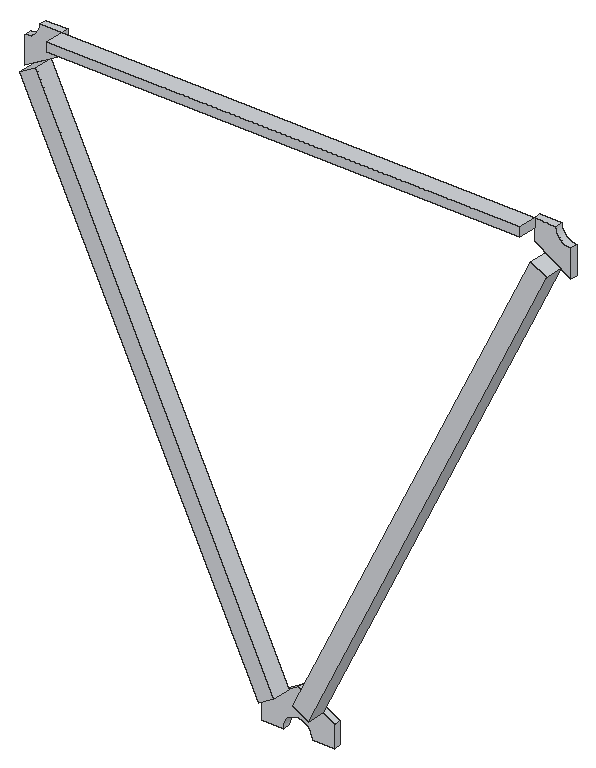
Revit family "kratownica4", category Curtain Panels, Revit 2013
Parameters
  l [instance] = 150 cm
  h [instance] = 150 cm
  b [instance] = a' + 10 cm  # 75 cm
  a'' [instance] = a'  # 65 cm
  a' [instance] = a / 2  # 65 cm
  a [instance] = 130 cm
Reference planes (cm)
  plane 1 "Center (Front/Back)": y = 0
  plane 2: z = 0
  plane 3 "Center (Left/Right)": x = 0
  plane 4 "Left": x = -75
  plane 5 "Right": x = 75
  plane 6 "Top": z = 150
  plane 7: z = 147.5
  plane 8: z = 2.5
Forms (cm)
  Extrusion 1, solid
    sketch origin (-6, 5, -46) x (1, 0, 0) y (0, 0, 1)
      loop
        line (71, 196) -> (-59, 196) -> (-59, 193.5) -> (71, 193.5) -> (71, 196)
    from 0 to 5
  Extrusion 2, solid
    sketch origin (0, 0, 0) x (1, 0, 0) y (0, 0, 1)
      loop
        line (-6.8786, 7.5757) -> (-2.5457, 10.0773) -> (-68.0757, 142.4508) -> (-72.4086, 139.9491) -> (-6.8786, 7.5757)
      loop
        line (68.0757, 142.4508) -> (2.5457, 10.0773) -> (6.8786, 7.5757) -> (72.4086, 139.9491) -> (68.0757, 142.4508)
    from 0 to -5
Text (cm)
  text "Exterior" at (-235.1972, 141.6179, 0), in view "Ref. Level"
  text "Exterior" at (0, 229.0741, 440.6713), in view "Left"
  text "Exterior" at (0, 132.8187, 412.0349), in view "Right"
Dimensions and locks (cm)
  equal spacing: plane 4 "Left", plane 3 "Center (Left/Right)", plane 5 "Right"  (x2)
  locked: plane 7 to plane 6 "Top" at 2.5
  locked: plane 2 to plane 8 at 2.5
  plane 2 to plane 6 "Top" = 150 cm
  locked: nested 2 to plane 5 "Right" at 10
  locked: nested 3 to plane 4 "Left" at 10
  "l": plane 4 "Left" to plane 5 "Right"
  "a": Extrusion 1 sketch curve to nested 2
  "b": plane 3 "Center (Left/Right)" to plane 4 "Left"
  aligned and locked: level to plane 2
  aligned and locked: nested 1 to Extrusion 2  (x2)
  aligned and locked: Extrusion 1 to plane 6 "Top"
  aligned and locked: plane 7 to Extrusion 1
  aligned and locked: nested 2 to Extrusion 1
  aligned and locked: nested 3 to Extrusion 2
Automatic sketch dimensions
  Extrusion 2 sketch curve to plane 4 "Left" = 2.5914 cm
  Extrusion 2 sketch curve to plane 8 = 5.0757 cm  (x2)
  Extrusion 2 sketch curve to plane 3 "Center (Left/Right)" = 2.5457 cm
  plane 3 "Center (Left/Right)" to Extrusion 2 sketch curve = 2.5457 cm
  plane 5 "Right" to Extrusion 2 sketch curve = 6.9243 cm
  plane 5 "Right" to Extrusion 2 sketch curve = 2.5914 cm
  Extrusion 2 sketch curve to Extrusion 2 sketch curve = 2.5016 cm  (x4)
  plane 7 to Extrusion 2 sketch curve = 7.5509 cm  (x2)
  Extrusion 2 sketch curve to plane 4 "Left" = 6.9243 cm
  Extrusion 2 sketch curve to plane 3 "Center (Left/Right)" = 6.8786 cm
  plane 3 "Center (Left/Right)" to Extrusion 2 sketch curve = 6.8786 cm
  Extrusion 1 sketch curve to plane 7 = 0 cm
  Extrusion 1 sketch curve to plane 6 "Top" = 0 cm
  plane 5 "Right" to Extrusion 1 sketch curve = 10 cm
Nested families (cm)
  nested 1: "Family2b" at (0, 11, 11.547), type "Family2b"
  nested 2: "Family4b" at (65, 11, 150), built-in parameter 1001364 <- "h", type "Family4b"
  nested 3: "Family4b" at (-65, 11, 150) x (-1, 0, 0) z (0, 0, 1), built-in parameter 1001364 <- "h", type "Family4b"
Definition of nested family "Family2b"
  Reference planes (cm)
    plane 1 "Center (Front/Back)": y = 0
    plane 2: z = 0
    plane 3 "Center (Left/Right)": x = 0
    plane 4: x = -10
    plane 5: x = 10
  Forms (cm)
    Extrusion 1, solid
      sketch origin (0, 0, -11.547) x (-1, 0, 0) y (0, 0, -1)
        loop
          line (-10, -5.7735) -> (0, -11.547) -> (10, -5.7735) -> (10, 0) -> (4, 0)
          arc (4, 0) -> (0, -4) -> (-4, 0) r 4
          line (-4, 0) -> (-10, 0) -> (-10, -5.7735)
      from 4 to 6
  Dimensions and locks (cm)
    aligned and locked: level to plane 2
Definition of nested family "Family4b"
  Reference planes (cm)
    plane 1 "Center (Front/Back)": y = 0
    plane 2: z = 0
    plane 3 "Center (Left/Right)": x = 0
    plane 4: x = -10
    plane 5: x = 10
  Forms (cm)
    Extrusion 1, solid
      sketch origin (10, 0, 0) x (-1, 0, 0) y (0, 0, -1)
        loop
          line (4, 0) -> (10, 0) -> (10, 5.7735) -> (0, 11.547) -> (0, 4)
          arc (0, 4) -> (2.8284, 2.8284) -> (4, 0) r 4
      from 4 to 6
  Dimensions and locks (cm)
    aligned and locked: level to plane 2
